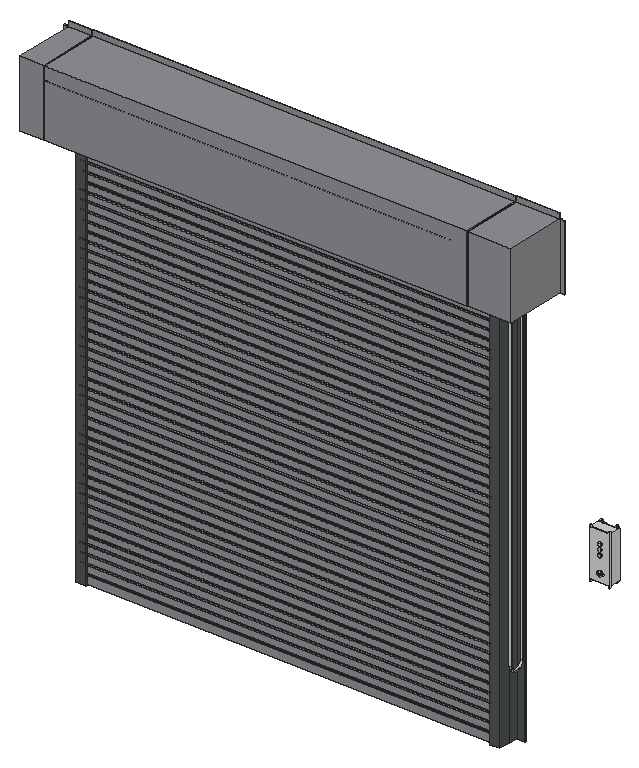
Revit family "EverServe-HD-Rolling-Steel-Service-Doors_OHD_Model-625S_compact", category Specialty Equipment, host Wall, Revit 2023 (continued)
Definition of nested family "625S"
  Lines and regions (in)
    reference lines
      curve 2: line (0, -2.86663, 14.044) -> (0, 7.73337, 14.044)
      curve 3: line (0, -2.86663, 11.414) -> (0, 7.73337, 11.414)
      curve 4: line (0, -2.86663, 8.784) -> (0, 7.73337, 8.784)
      curve 5: line (0, -2.86663, 6.154) -> (0, 7.73337, 6.154)
      curve 6: line (0, -2.86663, 0.894) -> (0, 7.73337, 0.894)
      curve 7: line (0, -2.86663, 3.524) -> (0, 7.73337, 3.524)
  Dimensions and locks (in)
    equal spacing: plane 4, plane 3 "Center (Left/Right)", plane 5
    "Opening Width": plane 4 to plane 5
    "Slat Width": plane 1 "Center (Front/Back)" to plane 6
    equal spacing: plane 1 "Center (Front/Back)", plane 8, plane 6
    "Cutout Width Offset": plane 4 to plane 9
    "Cutout Width Offset": plane 5 to plane 10
    "Void Height": Extrusion 2 sketch curve to Extrusion 2 sketch curve  (x5)
    "Cutout Thickness": Extrusion 2 sketch curve to Extrusion 2 sketch curve
    "Void Offset": plane 11 to Extrusion 2 sketch curve
    locked: curve 1 to level at 12.78
    "Slat Position": curve 6 to curve 2
    equal spacing: Extrusion 2 sketch curve, curve 3, Extrusion 2 sketch curve
    equal spacing: Extrusion 2 sketch curve, curve 4, Extrusion 2 sketch curve
    equal spacing: Extrusion 2 sketch curve, curve 6, Extrusion 2 sketch curve
    equal spacing: Extrusion 2 sketch curve, curve 5, Extrusion 2 sketch curve
    equal spacing: curve 6, curve 7, curve 5, curve 4, curve 3, curve 2
    equal spacing: Extrusion 2 sketch curve, curve 7, Extrusion 2 sketch curve
    "Cutout Vertical Offset": curve 6 to plane 2
    "Cutout Center Offset": plane 8 to plane 11
    aligned and locked: plane 2 to level
    aligned and locked: plane 1 "Center (Front/Back)" to plane 7
    aligned and locked: plane 5 to Extrusion 1
    aligned and locked: plane 4 to Extrusion 1
    aligned and locked: plane 3 "Center (Left/Right)" to nested 1
    aligned and locked: Extrusion 2 sketch curve to Extrusion 2 sketch curve  (x8)
    aligned and locked: plane 9 to Extrusion 2
    aligned and locked: plane 10 to Extrusion 2
    aligned and locked: plane 3 "Center (Left/Right)" to nested 2
    aligned and locked: plane 3 "Center (Left/Right)" to nested 3
    aligned and locked: plane 3 "Center (Left/Right)" to nested 4
    aligned and locked: plane 3 "Center (Left/Right)" to nested 5
    aligned and locked: plane 5 to Extrusion 3
    aligned and locked: plane 4 to Extrusion 3
    aligned and locked: nested 1 to plane 11
    aligned and locked: nested 2 to plane 11
    aligned and locked: nested 3 to plane 11
    aligned and locked: nested 4 to plane 11
    aligned and locked: nested 5 to plane 11
  Automatic sketch dimensions
    curve 1 to Extrusion 1 sketch curve = 4.98186"  (x2)
    Extrusion 1 sketch curve to Extrusion 1 sketch curve = 0"  (x4)
    curve 1 to Extrusion 1 sketch curve = 0.02051"
    curve 1 to Extrusion 1 sketch curve = 2.64604"
    Extrusion 1 sketch curve to Extrusion 1 sketch curve = 0.06154"  (x4)
    curve 1 to Extrusion 1 sketch curve = 0.03317"
    Extrusion 1 sketch curve to Extrusion 1 sketch curve = 0.06197"
    curve 1 to Extrusion 1 sketch curve = 0.12438"
    Extrusion 1 sketch curve to Extrusion 1 sketch curve = 0.02153"
    Extrusion 1 sketch curve to Extrusion 1 sketch curve = 0.02196"  (x4)
    curve 1 to Extrusion 1 sketch curve = 2.74991"
    Extrusion 1 sketch curve to curve 1 = 0.39136"
    Extrusion 1 sketch curve to Extrusion 1 sketch curve = 0.0841"
    Extrusion 1 sketch curve to Extrusion 1 sketch curve = 0.02327"  (x4)
    Extrusion 1 sketch curve to Extrusion 1 sketch curve = 3/128"  (x2)
    Extrusion 1 sketch curve to Extrusion 1 sketch curve = 0.02374"  (x2)
    Extrusion 1 sketch curve to Extrusion 1 sketch curve = 0.00178"
    curve 1 to Extrusion 1 sketch curve = 0.06028"
    curve 1 to Extrusion 1 sketch curve = 2.68458"
    Extrusion 1 sketch curve to Extrusion 1 sketch curve = 0.00478"  (x2)
    Extrusion 1 sketch curve to Extrusion 1 sketch curve = 0.00479"  (x2)
    Extrusion 1 sketch curve to Extrusion 1 sketch curve = 0.01188"  (x4)
    curve 1 to Extrusion 1 sketch curve = 2.48793"
    Extrusion 1 sketch curve to Extrusion 1 sketch curve = 0.01156"
    Extrusion 1 sketch curve to Extrusion 1 sketch curve = 0.01822"
    Extrusion 1 sketch curve to curve 1 = 0.2281"
    Extrusion 1 sketch curve to Extrusion 1 sketch curve = 0.03122"
    curve 1 to Extrusion 1 sketch curve = 2.39704"
    Extrusion 1 sketch curve to Extrusion 1 sketch curve = 0.01856"  (x2)
    Extrusion 1 sketch curve to Extrusion 1 sketch curve = 0.00034"  (x6)
    Extrusion 1 sketch curve to Extrusion 1 sketch curve = 0.0185"  (x2)
    Extrusion 1 sketch curve to Extrusion 1 sketch curve = 0.18279"  (x3)
    Extrusion 1 sketch curve to Extrusion 1 sketch curve = 0.18305"  (x3)
    Extrusion 1 sketch curve to Extrusion 1 sketch curve = 0.41746"  (x2)
    Extrusion 1 sketch curve to Extrusion 1 sketch curve = 0.392"
    Extrusion 1 sketch curve to Extrusion 1 sketch curve = 0.41747"  (x2)
    curve 1 to Extrusion 1 sketch curve = 2.67875"
    Extrusion 1 sketch curve to Extrusion 1 sketch curve = 0.02395"  (x5)
    curve 1 to Extrusion 1 sketch curve = 2.62435"
    Extrusion 1 sketch curve to Extrusion 1 sketch curve = 0.03031"  (x4)
    curve 1 to Extrusion 1 sketch curve = 0.14423"
    Extrusion 1 sketch curve to Extrusion 1 sketch curve = 0.45387"
    Extrusion 1 sketch curve to Extrusion 1 sketch curve = 0.00007"  (x5)
    Extrusion 1 sketch curve to Extrusion 1 sketch curve = 0.00899"  (x5)
    Extrusion 1 sketch curve to Extrusion 1 sketch curve = 0.00552"  (x5)
    Extrusion 1 sketch curve to Extrusion 1 sketch curve = 0.04341"  (x3)
    Extrusion 1 sketch curve to Extrusion 1 sketch curve = 0.01303"  (x2)
    curve 1 to Extrusion 1 sketch curve = 2.71019"
    Extrusion 1 sketch curve to Extrusion 1 sketch curve = 5/256"  (x2)
    Extrusion 1 sketch curve to Extrusion 1 sketch curve = 0.02448"  (x3)
    Extrusion 1 sketch curve to Extrusion 1 sketch curve = 0.06"  (x5)
    Extrusion 1 sketch curve to Extrusion 1 sketch curve = 0.01261"  (x2)
    Extrusion 1 sketch curve to Extrusion 1 sketch curve = 2.10108"  (x4)
    Extrusion 1 sketch curve to Extrusion 1 sketch curve = 0.11957"  (x2)
    Extrusion 1 sketch curve to Extrusion 1 sketch curve = 0.09059"  (x2)
    Extrusion 1 sketch curve to Extrusion 1 sketch curve = 0.05819"  (x4)
    Extrusion 1 sketch curve to Extrusion 1 sketch curve = 1/128"  (x4)
    Extrusion 1 sketch curve to Extrusion 1 sketch curve = 0.09983"  (x2)
    Extrusion 1 sketch curve to Extrusion 1 sketch curve = 0.01046"  (x2)
    Extrusion 1 sketch curve to Extrusion 1 sketch curve = 0.00686"  (x2)
    Extrusion 1 sketch curve to Extrusion 1 sketch curve = 0.03144"  (x3)
    Extrusion 1 sketch curve to Extrusion 1 sketch curve = 0.01995"  (x3)
    Extrusion 1 sketch curve to Extrusion 1 sketch curve = 0.11917"  (x3)
    Extrusion 1 sketch curve to Extrusion 1 sketch curve = 0.09089"
    Extrusion 1 sketch curve to Extrusion 1 sketch curve = 0.09993"
    Extrusion 1 sketch curve to Extrusion 1 sketch curve = 0.01049"
    Extrusion 1 sketch curve to Extrusion 1 sketch curve = 0.00683"
    Extrusion 1 sketch curve to Extrusion 1 sketch curve = 0.07903"
    Extrusion 1 sketch curve to Extrusion 1 sketch curve = 0.01186"
    Extrusion 1 sketch curve to Extrusion 1 sketch curve = 0.05829"
    Extrusion 1 sketch curve to Extrusion 1 sketch curve = 0.05892"
    Extrusion 1 sketch curve to Extrusion 1 sketch curve = 0.00247"
    curve 1 to Extrusion 1 sketch curve = 4.8597"
    Extrusion 1 sketch curve to Extrusion 1 sketch curve = 0.0313"  (x2)
    Extrusion 1 sketch curve to Extrusion 1 sketch curve = 0.03156"
    curve 1 to Extrusion 1 sketch curve = 2.23417"
    Extrusion 1 sketch curve to Extrusion 1 sketch curve = 0.0005"
    plane 1 "Center (Front/Back)" to curve 1 = 4.98186"
    plane 1 "Center (Front/Back)" to curve 7 = 2.86663"
    curve 1 to curve 2 = 2.11523"
    curve 5 to curve 7 = 0"
    curve 3 to curve 2 = 0"  (x2)
    curve 6 to curve 7 = 0"
    curve 4 to curve 3 = 0"
    curve 2 to plane 6 = 7.10337"
    curve 5 to plane 6 = 7.10337"
    curve 4 to curve 5 = 0"
    curve 6 to curve 5 = 0"
    curve 7 to curve 5 = 0"
    curve 2 to curve 1 = 2.35433"
    curve 1 to Extrusion 3 sketch curve = 4.90531"  (x4)
    Extrusion 3 sketch curve to Extrusion 3 sketch curve = 0"  (x2)
    Extrusion 3 sketch curve to Extrusion 3 sketch curve = 0.13162"
    Extrusion 3 sketch curve to Extrusion 3 sketch curve = 0.14017"  (x2)
    Extrusion 3 sketch curve to Extrusion 3 sketch curve = 0.14019"  (x2)
    curve 1 to Extrusion 3 sketch curve = 5.27225"
    Extrusion 3 sketch curve to Extrusion 3 sketch curve = 0.14046"
    Extrusion 3 sketch curve to Extrusion 3 sketch curve = 0.02019"
    Extrusion 3 sketch curve to Extrusion 3 sketch curve = 0.02119"  (x2)
    Extrusion 3 sketch curve to Extrusion 3 sketch curve = 0.02122"  (x2)
    curve 1 to Extrusion 3 sketch curve = 4.85781"
    Extrusion 3 sketch curve to Extrusion 3 sketch curve = 0.02405"  (x2)
    curve 1 to Extrusion 3 sketch curve = 5.15896"
    Extrusion 3 sketch curve to Extrusion 3 sketch curve = 0.02439"  (x2)
    Extrusion 3 sketch curve to Extrusion 3 sketch curve = 0.03484"
    Extrusion 3 sketch curve to Extrusion 3 sketch curve = 0.04439"
    Extrusion 3 sketch curve to Extrusion 3 sketch curve = 0.01179"  (x2)
    Extrusion 3 sketch curve to Extrusion 3 sketch curve = 0.036"  (x2)
    curve 1 to Extrusion 3 sketch curve = 2.68272"
    Extrusion 3 sketch curve to Extrusion 3 sketch curve = 0.03599"  (x2)
    Extrusion 3 sketch curve to Extrusion 3 sketch curve = 0.01175"  (x2)
    curve 1 to Extrusion 3 sketch curve = 5.10073"
    Extrusion 3 sketch curve to Extrusion 3 sketch curve = 0.0156"
    Extrusion 3 sketch curve to Extrusion 3 sketch curve = 0.03122"
    Extrusion 3 sketch curve to Extrusion 3 sketch curve = 0.01594"  (x2)
    Extrusion 3 sketch curve to Extrusion 3 sketch curve = 0.00034"  (x2)
    curve 1 to Extrusion 3 sketch curve = 5.02297"
    Extrusion 3 sketch curve to Extrusion 3 sketch curve = 0.01588"  (x2)
    Extrusion 3 sketch curve to Extrusion 3 sketch curve = 0.18279"  (x3)
    Extrusion 3 sketch curve to Extrusion 3 sketch curve = 0.21361"  (x2)
    Extrusion 3 sketch curve to Extrusion 3 sketch curve = 0.18305"
    curve 1 to Extrusion 3 sketch curve = 5.31024"
    Extrusion 3 sketch curve to Extrusion 3 sketch curve = 0.46983"  (x2)
    Extrusion 3 sketch curve to Extrusion 3 sketch curve = 0.27102"
    curve 1 to Extrusion 3 sketch curve = 2.68471"
    Extrusion 3 sketch curve to Extrusion 3 sketch curve = 0.46985"  (x2)
    Extrusion 3 sketch curve to Extrusion 3 sketch curve = 0.00499"  (x5)
    curve 1 to Extrusion 3 sketch curve = 5.24989"
    Extrusion 3 sketch curve to Extrusion 3 sketch curve = 0.00899"  (x5)
    Extrusion 3 sketch curve to Extrusion 3 sketch curve = 0.02398"  (x3)
    Extrusion 3 sketch curve to Extrusion 3 sketch curve = 0.49469"
    Extrusion 3 sketch curve to Extrusion 3 sketch curve = 0.01"  (x5)
    Extrusion 3 sketch curve to Extrusion 3 sketch curve = 0.08"  (x3)
    Extrusion 3 sketch curve to Extrusion 3 sketch curve = 0.00422"
    Extrusion 3 sketch curve to Extrusion 3 sketch curve = 0.02842"  (x3)
    curve 1 to Extrusion 3 sketch curve = 2.71041"
    curve 1 to Extrusion 3 sketch curve = 5 43/128"
    Extrusion 3 sketch curve to Extrusion 3 sketch curve = 0.315"  (x3)
    Extrusion 3 sketch curve to Extrusion 3 sketch curve = 0.02"
    Extrusion 3 sketch curve to Extrusion 3 sketch curve = 0.06"
    Extrusion 3 sketch curve to Extrusion 3 sketch curve = 1.67559"
    Extrusion 3 sketch curve to Extrusion 3 sketch curve = 0.39195"  (x2)
    Extrusion 3 sketch curve to Extrusion 3 sketch curve = 0.04559"  (x2)
    Extrusion 3 sketch curve to Extrusion 3 sketch curve = 0.07806"  (x3)
    Extrusion 3 sketch curve to Extrusion 3 sketch curve = 0.05822"
    Extrusion 3 sketch curve to Extrusion 3 sketch curve = 0.11273"
    Extrusion 3 sketch curve to Extrusion 3 sketch curve = 0.11341"
    Extrusion 3 sketch curve to Extrusion 3 sketch curve = 1.78314"
    Extrusion 3 sketch curve to Extrusion 3 sketch curve = 0.07776"
    Extrusion 3 sketch curve to Extrusion 3 sketch curve = 0.05823"
    Extrusion 3 sketch curve to Extrusion 3 sketch curve = 0.11262"
    Extrusion 3 sketch curve to Extrusion 3 sketch curve = 29/256"
    Extrusion 3 sketch curve to Extrusion 3 sketch curve = 1.78316"
    Extrusion 3 sketch curve to Extrusion 3 sketch curve = 0.43753"
    Extrusion 3 sketch curve to Extrusion 3 sketch curve = 0.11917"  (x2)
    Extrusion 3 sketch curve to Extrusion 3 sketch curve = 0.00097"
    Extrusion 3 sketch curve to Extrusion 3 sketch curve = 0.04797"
    Extrusion 3 sketch curve to Extrusion 3 sketch curve = 0.00067"
    curve 1 to Extrusion 3 sketch curve = 4.46587"
    Extrusion 3 sketch curve to Extrusion 3 sketch curve = 0.00068"
    Extrusion 3 sketch curve to Extrusion 3 sketch curve = 0.01597"
    Extrusion 3 sketch curve to Extrusion 3 sketch curve = 0.43571"
    Extrusion 3 sketch curve to Extrusion 3 sketch curve = 1.67742"
    Extrusion 3 sketch curve to Extrusion 3 sketch curve = 0.00314"
    Extrusion 3 sketch curve to Extrusion 3 sketch curve = 0.25175"
    Extrusion 3 sketch curve to Extrusion 3 sketch curve = 0.11957"
    Extrusion 3 sketch curve to Extrusion 3 sketch curve = 0.06154"
    Extrusion 3 sketch curve to Extrusion 3 sketch curve = 0.00247"
    Extrusion 3 sketch curve to Extrusion 3 sketch curve = 0.0313"
    Extrusion 3 sketch curve to Extrusion 3 sketch curve = 0.0005"
  Nested families (in)
    nested 1: "Perforation" at (0, 0.6, 0.894), visible <- "Integrated Cutout", type "Perforation"
      with Offset 0.06"
    nested 2: "Perforation" at (0, 0.6, 3.524), visible <- "Integrated Cutout", type "Perforation"
      with Offset 0.06"
    nested 3: "Perforation" at (0, 0.6, 6.154), visible <- "Integrated Cutout", type "Perforation"
      with Offset 0.06"
    nested 4: "Perforation" at (0, 0.6, 8.784), visible <- "Integrated Cutout", type "Perforation"
      with Offset 0.06"
    nested 5: "Perforation" at (0, 0.6, 11.414), visible <- "Integrated Cutout", type "Perforation"
      with Offset 0.06"
  Definition of nested family "Perforation"
    Parameters (values of type "Perforation")
      Thickness = 0.06"
      Perforation = none
      Opening Width = 128"
      Offset = 1"
      Height = 1"
      Default Elevation = 48"
    Reference planes (in)
      plane 1 "Center (Front/Back)": y = 0
      plane 2: z = 0
      plane 3 "Center (Left/Right)": x = 0
      plane 4: z = 0.5
      plane 5: z = -0.5
      plane 6: y = -0.03
      plane 7: y = 0.03
      plane 8: x = -64
      plane 9: x = 64
      plane 10: x = -63
      plane 11: x = 63
    Forms (in)
      Extrusion 1, solid, material <- "Perforation"
        sketch origin (0, -0.19, 0) x (0, 1, 0) y (0, 0, 1)
          loop
            line (0.16, 0.5) -> (0.16, -0.5) -> (0.22, -0.5) -> (0.22, 0.5) -> (0.16, 0.5)
        from -63 to 63
    Dimensions and locks (in)
      equal spacing: plane 4, level, plane 5
      "Height": plane 4 to plane 5
      equal spacing: plane 6, plane 1 "Center (Front/Back)", plane 7
      "Thickness": plane 6 to plane 7
      "Opening Width": plane 8 to plane 9
      "Offset": plane 8 to plane 10
      "Offset": plane 9 to plane 11
      equal spacing: plane 8, plane 3 "Center (Left/Right)", plane 9
      aligned and locked: plane 2 to level
      aligned and locked: plane 4 to Extrusion 1
      aligned and locked: Extrusion 1 to plane 5
      aligned and locked: plane 6 to Extrusion 1
      aligned and locked: plane 7 to Extrusion 1
      aligned and locked: Extrusion 1 to plane 10
      aligned and locked: plane 11 to Extrusion 1
    Automatic sketch dimensions
      Extrusion 1 sketch curve to level = 1/2"
      plane 1 "Center (Front/Back)" to Extrusion 1 sketch curve = 0.03"
      Extrusion 1 sketch curve to plane 1 "Center (Front/Back)" = 0.03"
      plane 4 to Extrusion 1 sketch curve = 0"
Definition of nested family "Label Annotation 1"
  Parameters (values of type "Label Annotation 1-8")
    Label = "Area is too big. Please reduce Door Size."
  Reference planes (in)
    plane 1: y = 0
    plane 2: x = 0
  Text (in)
    label "Label" at (0.00375, -0.00345, 0), shows "Label"
Definition of nested family "Warning Sign"
  Parameters (values of type "Warning Sign")
    Warning Sign [instance] = no
    Default Elevation = 48"
  Reference planes (in)
    plane 1 "Center (Front/Back)": y = 0
    plane 2: z = 0
    plane 3 "Center (Left/Right)": x = 0
    plane 4: y = 0.5
    plane 5: y = -0.5
    plane 6: y = 1
    plane 7: y = 0.25
  Lines and regions (in)
    model lines
      curve 1: line (-2.26129, 1, 45.69444) -> (-26.3817, 1, 3.91667)
      curve 2: line (-25.25106, 1, 3.26389) -> (-1.13064, 1, 45.04167)
      curve 3: arc (2.26129, 1, 45.69444) -> (0, 1, 47) -> (-2.26129, 1, 45.69444) r 2.61111
      curve 4: arc (-1.13064, 1, 45.04167) -> (0, 1, 45.69444) -> (1.13064, 1, 45.04167) r 1.30556
      curve 5: line (1.13064, 1, 45.04167) -> (25.25106, 1, 3.26389)
      curve 6: line (26.3817, 1, 3.91667) -> (2.26129, 1, 45.69444)
      curve 7: arc (25.25106, 1, 3.26389) -> (25.25106, 1, 1.95833) -> (24.12041, 1, 1.30556) r 1.30556
      curve 8: arc (24.12041, 1, 0) -> (26.3817, 1, 1.30556) -> (26.3817, 1, 3.91667) r 2.61111
      curve 9: line (24.12041, 1, 1.30556) -> (-24.12041, 1, 1.30556)
      curve 10: line (-24.12041, 1, 0) -> (24.12041, 1, 0)
      curve 11: arc (-24.12041, 1, 1.30556) -> (-25.25106, 1, 1.95833) -> (-25.25106, 1, 3.26389) r 1.30556
      curve 12: arc (-26.3817, 1, 3.91667) -> (-26.3817, 1, 1.30556) -> (-24.12041, 1, 0) r 2.61111
      curve 13: arc (-2.29479, 1, 8.63537) -> (0, 1, 6.34057) -> (2.29479, 1, 8.63537) r 2.29479
      curve 14: arc (2.29479, 1, 8.63537) -> (0, 1, 10.93016) -> (-2.29479, 1, 8.63537) r 2.29479
      curve 15: arc (-1.6331, 1, 13.97069) -> (0.03439, 1, 12.53727) -> (1.69278, 1, 13.98121) r 1.68043
      curve 16: line (-3.77413, 1, 28.37873) -> (-1.6331, 1, 13.97069)
      curve 17: line (1.69278, 1, 13.98121) -> (3.73924, 1, 28.37873)
      curve 18: arc (3.73924, 1, 28.37873) -> (-0.01745, 1, 32.13541) -> (-3.77413, 1, 28.37873) r 3.75668
      curve 19: line (-2.26129, -0.5, 45.69444) -> (-26.3817, -0.5, 3.91667)
      curve 20: line (-25.25106, -0.5, 3.26389) -> (-1.13064, -0.5, 45.04167)
      curve 21: arc (2.26129, -0.5, 45.69444) -> (0, -0.5, 47) -> (-2.26129, -0.5, 45.69444) r 2.61111
      curve 22: arc (-1.13064, -0.5, 45.04167) -> (0, -0.5, 45.69444) -> (1.13064, -0.5, 45.04167) r 1.30556
      curve 23: line (1.13064, -0.5, 45.04167) -> (25.25106, -0.5, 3.26389)
      curve 24: line (26.3817, -0.5, 3.91667) -> (2.26129, -0.5, 45.69444)
      curve 25: arc (25.25106, -0.5, 3.26389) -> (25.25106, -0.5, 1.95833) -> (24.12041, -0.5, 1.30556) r 1.30556
      curve 26: arc (24.12041, -0.5, 0) -> (26.3817, -0.5, 1.30556) -> (26.3817, -0.5, 3.91667) r 2.61111
      curve 27: line (24.12041, -0.5, 1.30556) -> (-24.12041, -0.5, 1.30556)
      curve 28: line (-24.12041, -0.5, 0) -> (24.12041, -0.5, 0)
      curve 29: arc (-24.12041, -0.5, 1.30556) -> (-25.25106, -0.5, 1.95833) -> (-25.25106, -0.5, 3.26389) r 1.30556
      curve 30: arc (-26.3817, -0.5, 3.91667) -> (-26.3817, -0.5, 1.30556) -> (-24.12041, -0.5, 0) r 2.61111
      curve 31: arc (-2.29479, -0.5, 8.63537) -> (0, -0.5, 6.34057) -> (2.29479, -0.5, 8.63537) r 2.29479
      curve 32: arc (2.29479, -0.5, 8.63537) -> (0, -0.5, 10.93016) -> (-2.29479, -0.5, 8.63537) r 2.29479
      curve 33: arc (-1.6331, -0.5, 13.97069) -> (0.03439, -0.5, 12.53727) -> (1.69278, -0.5, 13.98121) r 1.68043
      curve 34: line (-3.77413, -0.5, 28.37873) -> (-1.6331, -0.5, 13.97069)
      curve 35: line (1.69278, -0.5, 13.98121) -> (3.73924, -0.5, 28.37873)
      curve 36: arc (3.73924, -0.5, 28.37873) -> (-0.01745, -0.5, 32.13541) -> (-3.77413, -0.5, 28.37873) r 3.75668
  Dimensions and locks (in)
    locked: plane 1 "Center (Front/Back)" to plane 4 at 0.5
    equal spacing: plane 1 "Center (Front/Back)", plane 7, plane 4
    locked: plane 4 to plane 6 at 0.5
    locked: plane 5 to plane 1 "Center (Front/Back)" at 0.5
    aligned and locked: plane 2 to level
  Automatic sketch dimensions
    curve 21 to curve 22 = 0"  (x2)
    curve 25 to curve 26 = 0"  (x2)
    curve 29 to curve 30 = 0"  (x2)
    curve 31 to curve 32 = 0"  (x2)
    curve 21 to plane 3 "Center (Left/Right)" = 0"
    curve 31 to plane 3 "Center (Left/Right)" = 0"
    curve 30 to level = 0"
    level to curve 27 = 1.30556"
    curve 26 to curve 27 = 1.30556"
    curve 29 to curve 27 = 1.30556"
    curve 23 to curve 25 = 0.65278"
    curve 20 to curve 29 = 0.65278"
    curve 24 to curve 23 = 0.65278"
    curve 19 to curve 20 = 0.65278"
    level to curve 32 = 8.63537"
    curve 34 to plane 3 "Center (Left/Right)" = 1.6331"
    curve 34 to curve 31 = 5.33532"
    plane 3 "Center (Left/Right)" to curve 35 = 1.69278"
    curve 35 to curve 34 = 0.01052"
    plane 3 "Center (Left/Right)" to curve 33 = 0.02908"
    curve 36 to plane 3 "Center (Left/Right)" = 0.01745"
    curve 36 to curve 33 = 14.16104"
    curve 22 to curve 36 = 16.01016"
    plane 3 "Center (Left/Right)" to curve 23 = 1.13064"
    curve 23 to curve 21 = 0.65278"
    curve 20 to plane 3 "Center (Left/Right)" = 1.13064"
    plane 3 "Center (Left/Right)" to curve 24 = 2.26129"
    curve 24 to curve 22 = 0.65278"
    curve 19 to plane 3 "Center (Left/Right)" = 2.26129"
    curve 34 to curve 36 = 3.75668"
    curve 30 to plane 3 "Center (Left/Right)" = 24.12041"
    plane 3 "Center (Left/Right)" to curve 25 = 24.12041"
    curve 31 to curve 31 = 2.29479"
    curve 3 to curve 4 = 0"  (x2)
    curve 7 to curve 8 = 0"  (x2)
    curve 11 to curve 12 = 0"  (x2)
    curve 13 to curve 14 = 0"  (x2)
    curve 3 to plane 3 "Center (Left/Right)" = 0"
    curve 13 to plane 3 "Center (Left/Right)" = 0"
    curve 12 to level = 0"
    level to curve 9 = 1.30556"
    curve 8 to curve 9 = 1.30556"
    curve 11 to curve 9 = 1.30556"
    curve 5 to curve 7 = 0.65278"
    curve 2 to curve 11 = 0.65278"
    curve 6 to curve 5 = 0.65278"
    curve 1 to curve 2 = 0.65278"
    level to curve 14 = 8.63537"
    curve 16 to plane 3 "Center (Left/Right)" = 1.6331"
    curve 16 to curve 13 = 5.33532"
    plane 3 "Center (Left/Right)" to curve 17 = 1.69278"
    curve 17 to curve 16 = 0.01052"
    plane 3 "Center (Left/Right)" to curve 15 = 0.02908"
    curve 18 to plane 3 "Center (Left/Right)" = 0.01745"
    curve 18 to curve 15 = 14.16104"
    curve 4 to curve 18 = 16.01016"
    plane 3 "Center (Left/Right)" to curve 5 = 1.13064"
    curve 5 to curve 3 = 0.65278"
    curve 2 to plane 3 "Center (Left/Right)" = 1.13064"
    plane 3 "Center (Left/Right)" to curve 6 = 2.26129"
    curve 6 to curve 4 = 0.65278"
    curve 1 to plane 3 "Center (Left/Right)" = 2.26129"
    curve 16 to curve 18 = 3.75668"
    curve 12 to plane 3 "Center (Left/Right)" = 24.12041"
    plane 3 "Center (Left/Right)" to curve 7 = 24.12041"
    curve 13 to curve 13 = 2.29479"
Types (6): name | Voltage | Number of Poles | Apparent Load Phase 3 | Apparent Load Phase 2 | Apparent Load Phase 1
  208 volts, one phase, 60 Hz (208-240V range) | 208 V | 1 | 0 VA | 0 VA | 4160 VA
  220 volts, one phase, 60 Hz (220-240V range) | 220 V | 1 | 0 VA | 0 VA | 4400 VA
  208 volts, three phase, 60 Hz (208-240V range) | 208 V | 3 | 2401.78 VA | 2401.78 VA | 2401.78 VA
  230 volts, three phase, 60 Hz (220-240V range) | 230 V | 3 | 2655.81 VA | 2655.81 VA | 2655.81 VA
  460 volts, three phase, 60 Hz (440-480 V range) | 460 V | 3 | 5311.62 VA | 5311.62 VA | 5311.62 VA
  575 volts, three phase, 60 Hz | 575 V | 3 | 6639.53 VA | 6639.53 VA | 6639.53 VA
